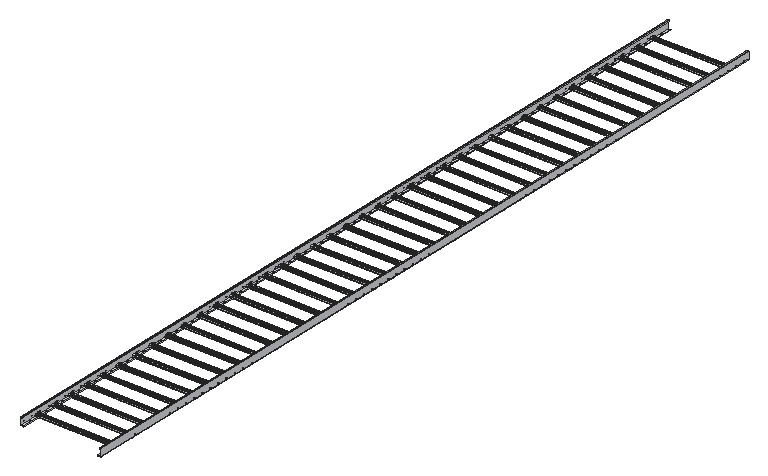
Revit family "Kabelleiter LG 60, 6 m VS FT", category Generic Models, Revit 2017 (continued)
Forms (mm)
  Extrusion 274, void
    sketch origin (-0.003, 5400, 0) x (0, 1, 0) y (0, 0, 1)
      loop
        line (23.5, 18.473) -> (23.5, 9.473) -> (51.5, 9.473) -> (51.5, 18.473) -> (23.5, 18.473)
    from 598.529 to 600
  Extrusion 275, void
    sketch origin (-0.002, 5475, 0) x (0, 1, 0) y (0, 0, 1)
      loop
        line (23.5, 18.473) -> (23.5, 9.473) -> (51.5, 9.473) -> (51.5, 18.473) -> (23.5, 18.473)
    from 598.529 to 600
  Extrusion 276, void
    sketch origin (-0.002, 5550, 0) x (0, 1, 0) y (0, 0, 1)
      loop
        line (23.5, 18.473) -> (23.5, 9.473) -> (51.5, 9.473) -> (51.5, 18.473) -> (23.5, 18.473)
    from 598.529 to 600
  Extrusion 277, void
    sketch origin (-0.001, 5625, 0) x (0, 1, 0) y (0, 0, 1)
      loop
        line (23.5, 18.473) -> (23.5, 9.473) -> (51.5, 9.473) -> (51.5, 18.473) -> (23.5, 18.473)
    from 598.529 to 600
  Extrusion 278, void
    sketch origin (-0.001, 5700, 0) x (0, 1, 0) y (0, 0, 1)
      loop
        line (23.5, 18.473) -> (23.5, 9.473) -> (51.5, 9.473) -> (51.5, 18.473) -> (23.5, 18.473)
    from 598.529 to 600
  Extrusion 279, void
    sketch origin (-0.001, 5775, 0) x (0, 1, 0) y (0, 0, 1)
      loop
        line (23.5, 18.473) -> (23.5, 9.473) -> (51.5, 9.473) -> (51.5, 18.473) -> (23.5, 18.473)
    from 598.529 to 600
  Extrusion 280, void
    sketch origin (0, 5850, 0) x (0, 1, 0) y (0, 0, 1)
      loop
        line (23.5, 18.473) -> (23.5, 9.473) -> (51.5, 9.473) -> (51.5, 18.473) -> (23.5, 18.473)
    from 598.529 to 600
  Extrusion 281, void
    sketch origin (0, 5925, 0) x (0, 1, 0) y (0, 0, 1)
      loop
        line (23.5, 18.473) -> (23.5, 9.473) -> (51.5, 9.473) -> (51.5, 18.473) -> (23.5, 18.473)
    from 598.529 to 600
  Extrusion 282, void
    sketch origin (0, 0, 0) x (1, 0, 0) y (0, 1, 0)
      loop
        line (53.5, 158.5) -> (53.5, 141.5) -> (64.5, 141.5) -> (64.5, 158.5) -> (53.5, 158.5)
    from 1.5 to 3
  Extrusion 283, void
    sketch origin (40, 0, 0) x (1, 0, 0) y (0, 1, 0)
      loop
        line (53.5, 158.5) -> (53.5, 141.5) -> (64.5, 141.5) -> (64.5, 158.5) -> (53.5, 158.5)
    from 1.5 to 3
  Extrusion 284, void
    sketch origin (80, 0, 0) x (1, 0, 0) y (0, 1, 0)
      loop
        line (53.5, 158.5) -> (53.5, 141.5) -> (64.5, 141.5) -> (64.5, 158.5) -> (53.5, 158.5)
    from 1.5 to 3
  Extrusion 285, void
    sketch origin (120, 0, 0) x (1, 0, 0) y (0, 1, 0)
      loop
        line (53.5, 158.5) -> (53.5, 141.5) -> (64.5, 141.5) -> (64.5, 158.5) -> (53.5, 158.5)
    from 1.5 to 3
  Extrusion 286, void
    sketch origin (160, 0, 0) x (1, 0, 0) y (0, 1, 0)
      loop
        line (53.5, 158.5) -> (53.5, 141.5) -> (64.5, 141.5) -> (64.5, 158.5) -> (53.5, 158.5)
    from 1.5 to 3
  Extrusion 287, void
    sketch origin (200, 0, 0) x (1, 0, 0) y (0, 1, 0)
      loop
        line (53.5, 158.5) -> (53.5, 141.5) -> (64.5, 141.5) -> (64.5, 158.5) -> (53.5, 158.5)
    from 1.5 to 3
  Extrusion 288, void
    sketch origin (240, 0, 0) x (1, 0, 0) y (0, 1, 0)
      loop
        line (53.5, 158.5) -> (53.5, 141.5) -> (64.5, 141.5) -> (64.5, 158.5) -> (53.5, 158.5)
    from 1.5 to 3
  Extrusion 289, void
    sketch origin (280, 0, 0) x (1, 0, 0) y (0, 1, 0)
      loop
        line (53.5, 158.5) -> (53.5, 141.5) -> (64.5, 141.5) -> (64.5, 158.5) -> (53.5, 158.5)
    from 1.5 to 3
  Extrusion 290, void
    sketch origin (320, 0, 0) x (1, 0, 0) y (0, 1, 0)
      loop
        line (53.5, 158.5) -> (53.5, 141.5) -> (64.5, 141.5) -> (64.5, 158.5) -> (53.5, 158.5)
    from 1.5 to 3
  Extrusion 291, void
    sketch origin (360, 0, 0) x (1, 0, 0) y (0, 1, 0)
      loop
        line (53.5, 158.5) -> (53.5, 141.5) -> (64.5, 141.5) -> (64.5, 158.5) -> (53.5, 158.5)
    from 1.5 to 3
  Extrusion 292, void
    sketch origin (400, 0, 0) x (1, 0, 0) y (0, 1, 0)
      loop
        line (53.5, 158.5) -> (53.5, 141.5) -> (64.5, 141.5) -> (64.5, 158.5) -> (53.5, 158.5)
    from 1.5 to 3
  Extrusion 293, void
    sketch origin (440, 0, 0) x (1, 0, 0) y (0, 1, 0)
      loop
        line (53.5, 158.5) -> (53.5, 141.5) -> (64.5, 141.5) -> (64.5, 158.5) -> (53.5, 158.5)
    from 1.5 to 3
  Extrusion 294, void, not visible
    sketch origin (0, 0, 0) x (1, 0, 0) y (0, 1, 0)
      loop
        line (53.5, 158.5) -> (53.5, 141.5) -> (64.5, 141.5) -> (64.5, 158.5) -> (53.5, 158.5)
    from 1.5 to 3
  Extrusion 295, void
    sketch origin (480, 0, 0) x (1, 0, 0) y (0, 1, 0)
      loop
        line (53.5, 158.5) -> (53.5, 141.5) -> (64.5, 141.5) -> (64.5, 158.5) -> (53.5, 158.5)
    from 1.5 to 3
  Extrusion 296, void
    sketch origin (0, 0, 0) x (1, 0, 0) y (0, 1, 0)
      loop
        line (75.5, 158.5) -> (75.5, 141.5) -> (82.5, 141.5) -> (82.5, 158.5) -> (75.5, 158.5)
    from 0 to 3
  Extrusion 297, void
    sketch origin (40, 0, 0) x (1, 0, 0) y (0, 1, 0)
      loop
        line (75.5, 158.5) -> (75.5, 141.5) -> (82.5, 141.5) -> (82.5, 158.5) -> (75.5, 158.5)
    from 0 to 3
  Extrusion 298, void
    sketch origin (80, 0, 0) x (1, 0, 0) y (0, 1, 0)
      loop
        line (75.5, 158.5) -> (75.5, 141.5) -> (82.5, 141.5) -> (82.5, 158.5) -> (75.5, 158.5)
    from 0 to 3
  Extrusion 299, void
    sketch origin (120, 0, 0) x (1, 0, 0) y (0, 1, 0)
      loop
        line (75.5, 158.5) -> (75.5, 141.5) -> (82.5, 141.5) -> (82.5, 158.5) -> (75.5, 158.5)
    from 0 to 3
  Extrusion 300, void
    sketch origin (160, 0, 0) x (1, 0, 0) y (0, 1, 0)
      loop
        line (75.5, 158.5) -> (75.5, 141.5) -> (82.5, 141.5) -> (82.5, 158.5) -> (75.5, 158.5)
    from 0 to 3
  Extrusion 301, void
    sketch origin (200, 0, 0) x (1, 0, 0) y (0, 1, 0)
      loop
        line (75.5, 158.5) -> (75.5, 141.5) -> (82.5, 141.5) -> (82.5, 158.5) -> (75.5, 158.5)
    from 0 to 3
  Extrusion 302, void
    sketch origin (240, 0, 0) x (1, 0, 0) y (0, 1, 0)
      loop
        line (75.5, 158.5) -> (75.5, 141.5) -> (82.5, 141.5) -> (82.5, 158.5) -> (75.5, 158.5)
    from 0 to 3
  Extrusion 303, void
    sketch origin (280, 0, 0) x (1, 0, 0) y (0, 1, 0)
      loop
        line (75.5, 158.5) -> (75.5, 141.5) -> (82.5, 141.5) -> (82.5, 158.5) -> (75.5, 158.5)
    from 0 to 3
  Extrusion 304, void
    sketch origin (320, 0, 0) x (1, 0, 0) y (0, 1, 0)
      loop
        line (75.5, 158.5) -> (75.5, 141.5) -> (82.5, 141.5) -> (82.5, 158.5) -> (75.5, 158.5)
    from 0 to 3
  Extrusion 305, void
    sketch origin (360, 0, 0) x (1, 0, 0) y (0, 1, 0)
      loop
        line (75.5, 158.5) -> (75.5, 141.5) -> (82.5, 141.5) -> (82.5, 158.5) -> (75.5, 158.5)
    from 0 to 3
  Extrusion 306, void
    sketch origin (400, 0, 0) x (1, 0, 0) y (0, 1, 0)
      loop
        line (75.5, 158.5) -> (75.5, 141.5) -> (82.5, 141.5) -> (82.5, 158.5) -> (75.5, 158.5)
    from 0 to 3
  Extrusion 307, void
    sketch origin (440, 0, 0) x (1, 0, 0) y (0, 1, 0)
      loop
        line (75.5, 158.5) -> (75.5, 141.5) -> (82.5, 141.5) -> (82.5, 158.5) -> (75.5, 158.5)
    from 0 to 3
  Extrusion 308, void
    sketch origin (0, 300, 0) x (1, 0, 0) y (0, 1, 0)
      loop
        line (53.5, 158.5) -> (53.5, 141.5) -> (64.5, 141.5) -> (64.5, 158.5) -> (53.5, 158.5)
    from 1.5 to 3
  Extrusion 309, void
    sketch origin (0, 450, 0) x (1, 0, 0) y (0, 1, 0)
      loop
        line (53.5, 158.5) -> (53.5, 141.5) -> (64.5, 141.5) -> (64.5, 158.5) -> (53.5, 158.5)
    from 1.5 to 3
  Extrusion 310, void
    sketch origin (0, 600, 0) x (1, 0, 0) y (0, 1, 0)
      loop
        line (53.5, 158.5) -> (53.5, 141.5) -> (64.5, 141.5) -> (64.5, 158.5) -> (53.5, 158.5)
    from 1.5 to 3
  Extrusion 311, void
    sketch origin (0, 750, 0) x (1, 0, 0) y (0, 1, 0)
      loop
        line (53.5, 158.5) -> (53.5, 141.5) -> (64.5, 141.5) -> (64.5, 158.5) -> (53.5, 158.5)
    from 1.5 to 3
  Extrusion 312, void
    sketch origin (0, 900, 0) x (1, 0, 0) y (0, 1, 0)
      loop
        line (53.5, 158.5) -> (53.5, 141.5) -> (64.5, 141.5) -> (64.5, 158.5) -> (53.5, 158.5)
    from 1.5 to 3
  Extrusion 313, void
    sketch origin (0, 1050, 0) x (1, 0, 0) y (0, 1, 0)
      loop
        line (53.5, 158.5) -> (53.5, 141.5) -> (64.5, 141.5) -> (64.5, 158.5) -> (53.5, 158.5)
    from 1.5 to 3
  Extrusion 314, void
    sketch origin (0, 1200, 0) x (1, 0, 0) y (0, 1, 0)
      loop
        line (53.5, 158.5) -> (53.5, 141.5) -> (64.5, 141.5) -> (64.5, 158.5) -> (53.5, 158.5)
    from 1.5 to 3
  Extrusion 315, void
    sketch origin (0, 1350, 0) x (1, 0, 0) y (0, 1, 0)
      loop
        line (53.5, 158.5) -> (53.5, 141.5) -> (64.5, 141.5) -> (64.5, 158.5) -> (53.5, 158.5)
    from 1.5 to 3
  Extrusion 316, void
    sketch origin (0, 1500, 0) x (1, 0, 0) y (0, 1, 0)
      loop
        line (53.5, 158.5) -> (53.5, 141.5) -> (64.5, 141.5) -> (64.5, 158.5) -> (53.5, 158.5)
    from 1.5 to 3
  Extrusion 317, void
    sketch origin (0, 1650, 0) x (1, 0, 0) y (0, 1, 0)
      loop
        line (53.5, 158.5) -> (53.5, 141.5) -> (64.5, 141.5) -> (64.5, 158.5) -> (53.5, 158.5)
    from 1.5 to 3
  Extrusion 318, void
    sketch origin (0, 1800, 0) x (1, 0, 0) y (0, 1, 0)
      loop
        line (53.5, 158.5) -> (53.5, 141.5) -> (64.5, 141.5) -> (64.5, 158.5) -> (53.5, 158.5)
    from 1.5 to 3
  Extrusion 319, void
    sketch origin (0, 1950, 0) x (1, 0, 0) y (0, 1, 0)
      loop
        line (53.5, 158.5) -> (53.5, 141.5) -> (64.5, 141.5) -> (64.5, 158.5) -> (53.5, 158.5)
    from 1.5 to 3
  Extrusion 320, void
    sketch origin (0, 2100, 0) x (1, 0, 0) y (0, 1, 0)
      loop
        line (53.5, 158.5) -> (53.5, 141.5) -> (64.5, 141.5) -> (64.5, 158.5) -> (53.5, 158.5)
    from 1.5 to 3
  Extrusion 321, void
    sketch origin (0, 2250, 0) x (1, 0, 0) y (0, 1, 0)
      loop
        line (53.5, 158.5) -> (53.5, 141.5) -> (64.5, 141.5) -> (64.5, 158.5) -> (53.5, 158.5)
    from 1.5 to 3
  Extrusion 322, void
    sketch origin (0, 2400, 0) x (1, 0, 0) y (0, 1, 0)
      loop
        line (53.5, 158.5) -> (53.5, 141.5) -> (64.5, 141.5) -> (64.5, 158.5) -> (53.5, 158.5)
    from 1.5 to 3
  Extrusion 323, void
    sketch origin (0, 2550, 0) x (1, 0, 0) y (0, 1, 0)
      loop
        line (53.5, 158.5) -> (53.5, 141.5) -> (64.5, 141.5) -> (64.5, 158.5) -> (53.5, 158.5)
    from 1.5 to 3
  Extrusion 324, void
    sketch origin (0, 2700, 0) x (1, 0, 0) y (0, 1, 0)
      loop
        line (53.5, 158.5) -> (53.5, 141.5) -> (64.5, 141.5) -> (64.5, 158.5) -> (53.5, 158.5)
    from 1.5 to 3
  Extrusion 325, void
    sketch origin (0, 2850, 0) x (1, 0, 0) y (0, 1, 0)
      loop
        line (53.5, 158.5) -> (53.5, 141.5) -> (64.5, 141.5) -> (64.5, 158.5) -> (53.5, 158.5)
    from 1.5 to 3
  Extrusion 326, void
    sketch origin (0, 3000, 0) x (1, 0, 0) y (0, 1, 0)
      loop
        line (53.5, 158.5) -> (53.5, 141.5) -> (64.5, 141.5) -> (64.5, 158.5) -> (53.5, 158.5)
    from 1.5 to 3
  Extrusion 327, void
    sketch origin (0, 3150, 0) x (1, 0, 0) y (0, 1, 0)
      loop
        line (53.5, 158.5) -> (53.5, 141.5) -> (64.5, 141.5) -> (64.5, 158.5) -> (53.5, 158.5)
    from 1.5 to 3
  Extrusion 328, void
    sketch origin (0, 3300, 0) x (1, 0, 0) y (0, 1, 0)
      loop
        line (53.5, 158.5) -> (53.5, 141.5) -> (64.5, 141.5) -> (64.5, 158.5) -> (53.5, 158.5)
    from 1.5 to 3
  Extrusion 329, void
    sketch origin (0, 3450, 0) x (1, 0, 0) y (0, 1, 0)
      loop
        line (53.5, 158.5) -> (53.5, 141.5) -> (64.5, 141.5) -> (64.5, 158.5) -> (53.5, 158.5)
    from 1.5 to 3
  Extrusion 330, void
    sketch origin (0, 3600, 0) x (1, 0, 0) y (0, 1, 0)
      loop
        line (53.5, 158.5) -> (53.5, 141.5) -> (64.5, 141.5) -> (64.5, 158.5) -> (53.5, 158.5)
    from 1.5 to 3
  Extrusion 331, void
    sketch origin (0, 3750, 0) x (1, 0, 0) y (0, 1, 0)
      loop
        line (53.5, 158.5) -> (53.5, 141.5) -> (64.5, 141.5) -> (64.5, 158.5) -> (53.5, 158.5)
    from 1.5 to 3
  Extrusion 332, void
    sketch origin (0, 3900, 0) x (1, 0, 0) y (0, 1, 0)
      loop
        line (53.5, 158.5) -> (53.5, 141.5) -> (64.5, 141.5) -> (64.5, 158.5) -> (53.5, 158.5)
    from 1.5 to 3
  Extrusion 333, void
    sketch origin (0, 4050, 0) x (1, 0, 0) y (0, 1, 0)
      loop
        line (53.5, 158.5) -> (53.5, 141.5) -> (64.5, 141.5) -> (64.5, 158.5) -> (53.5, 158.5)
    from 1.5 to 3
  Extrusion 334, void
    sketch origin (0, 4200, 0) x (1, 0, 0) y (0, 1, 0)
      loop
        line (53.5, 158.5) -> (53.5, 141.5) -> (64.5, 141.5) -> (64.5, 158.5) -> (53.5, 158.5)
    from 1.5 to 3
  Extrusion 335, void
    sketch origin (0, 4350, 0) x (1, 0, 0) y (0, 1, 0)
      loop
        line (53.5, 158.5) -> (53.5, 141.5) -> (64.5, 141.5) -> (64.5, 158.5) -> (53.5, 158.5)
    from 1.5 to 3
  Extrusion 336, void
    sketch origin (0, 4500, 0) x (1, 0, 0) y (0, 1, 0)
      loop
        line (53.5, 158.5) -> (53.5, 141.5) -> (64.5, 141.5) -> (64.5, 158.5) -> (53.5, 158.5)
    from 1.5 to 3
  Extrusion 337, void
    sketch origin (0, 4650, 0) x (1, 0, 0) y (0, 1, 0)
      loop
        line (53.5, 158.5) -> (53.5, 141.5) -> (64.5, 141.5) -> (64.5, 158.5) -> (53.5, 158.5)
    from 1.5 to 3
  Extrusion 338, void
    sketch origin (0, 4800, 0) x (1, 0, 0) y (0, 1, 0)
      loop
        line (53.5, 158.5) -> (53.5, 141.5) -> (64.5, 141.5) -> (64.5, 158.5) -> (53.5, 158.5)
    from 1.5 to 3
  Extrusion 339, void
    sketch origin (0, 4950, 0) x (1, 0, 0) y (0, 1, 0)
      loop
        line (53.5, 158.5) -> (53.5, 141.5) -> (64.5, 141.5) -> (64.5, 158.5) -> (53.5, 158.5)
    from 1.5 to 3
  Extrusion 340, void
    sketch origin (0, 5100, 0) x (1, 0, 0) y (0, 1, 0)
      loop
        line (53.5, 158.5) -> (53.5, 141.5) -> (64.5, 141.5) -> (64.5, 158.5) -> (53.5, 158.5)
    from 1.5 to 3
  Extrusion 341, void
    sketch origin (0, 5250, 0) x (1, 0, 0) y (0, 1, 0)
      loop
        line (53.5, 158.5) -> (53.5, 141.5) -> (64.5, 141.5) -> (64.5, 158.5) -> (53.5, 158.5)
    from 1.5 to 3
  Extrusion 342, void
    sketch origin (0, 5400, 0) x (1, 0, 0) y (0, 1, 0)
      loop
        line (53.5, 158.5) -> (53.5, 141.5) -> (64.5, 141.5) -> (64.5, 158.5) -> (53.5, 158.5)
    from 1.5 to 3
  Extrusion 343, void
    sketch origin (0, 5550, 0) x (1, 0, 0) y (0, 1, 0)
      loop
        line (53.5, 158.5) -> (53.5, 141.5) -> (64.5, 141.5) -> (64.5, 158.5) -> (53.5, 158.5)
    from 1.5 to 3
  Extrusion 344, void
    sketch origin (0, 5700, 0) x (1, 0, 0) y (0, 1, 0)
      loop
        line (53.5, 158.5) -> (53.5, 141.5) -> (64.5, 141.5) -> (64.5, 158.5) -> (53.5, 158.5)
    from 1.5 to 3
  Extrusion 345, void
    sketch origin (0, 300, 0) x (1, 0, 0) y (0, 1, 0)
      loop
        line (75.5, 158.5) -> (75.5, 141.5) -> (82.5, 141.5) -> (82.5, 158.5) -> (75.5, 158.5)
    from 0 to 3
  Extrusion 346, void
    sketch origin (0, 450, 0) x (1, 0, 0) y (0, 1, 0)
      loop
        line (75.5, 158.5) -> (75.5, 141.5) -> (82.5, 141.5) -> (82.5, 158.5) -> (75.5, 158.5)
    from 0 to 3
  Extrusion 347, void
    sketch origin (0, 600, 0) x (1, 0, 0) y (0, 1, 0)
      loop
        line (75.5, 158.5) -> (75.5, 141.5) -> (82.5, 141.5) -> (82.5, 158.5) -> (75.5, 158.5)
    from 0 to 3
  Extrusion 348, void
    sketch origin (0, 750, 0) x (1, 0, 0) y (0, 1, 0)
      loop
        line (75.5, 158.5) -> (75.5, 141.5) -> (82.5, 141.5) -> (82.5, 158.5) -> (75.5, 158.5)
    from 0 to 3
  Extrusion 349, void
    sketch origin (0, 900, 0) x (1, 0, 0) y (0, 1, 0)
      loop
        line (75.5, 158.5) -> (75.5, 141.5) -> (82.5, 141.5) -> (82.5, 158.5) -> (75.5, 158.5)
    from 0 to 3
  Extrusion 350, void
    sketch origin (0, 1050, 0) x (1, 0, 0) y (0, 1, 0)
      loop
        line (75.5, 158.5) -> (75.5, 141.5) -> (82.5, 141.5) -> (82.5, 158.5) -> (75.5, 158.5)
    from 0 to 3
  Extrusion 351, void
    sketch origin (0, 1200, 0) x (1, 0, 0) y (0, 1, 0)
      loop
        line (75.5, 158.5) -> (75.5, 141.5) -> (82.5, 141.5) -> (82.5, 158.5) -> (75.5, 158.5)
    from 0 to 3
  Extrusion 352, void
    sketch origin (0, 1350, 0) x (1, 0, 0) y (0, 1, 0)
      loop
        line (75.5, 158.5) -> (75.5, 141.5) -> (82.5, 141.5) -> (82.5, 158.5) -> (75.5, 158.5)
    from 0 to 3
  Extrusion 353, void
    sketch origin (0, 1500, 0) x (1, 0, 0) y (0, 1, 0)
      loop
        line (75.5, 158.5) -> (75.5, 141.5) -> (82.5, 141.5) -> (82.5, 158.5) -> (75.5, 158.5)
    from 0 to 3
  Extrusion 354, void
    sketch origin (0, 1650, 0) x (1, 0, 0) y (0, 1, 0)
      loop
        line (75.5, 158.5) -> (75.5, 141.5) -> (82.5, 141.5) -> (82.5, 158.5) -> (75.5, 158.5)
    from 0 to 3
  Extrusion 355, void
    sketch origin (0, 1800, 0) x (1, 0, 0) y (0, 1, 0)
      loop
        line (75.5, 158.5) -> (75.5, 141.5) -> (82.5, 141.5) -> (82.5, 158.5) -> (75.5, 158.5)
    from 0 to 3
  Extrusion 356, void
    sketch origin (0, 1950, 0) x (1, 0, 0) y (0, 1, 0)
      loop
        line (75.5, 158.5) -> (75.5, 141.5) -> (82.5, 141.5) -> (82.5, 158.5) -> (75.5, 158.5)
    from 0 to 3
  Extrusion 357, void
    sketch origin (0, 2100, 0) x (1, 0, 0) y (0, 1, 0)
      loop
        line (75.5, 158.5) -> (75.5, 141.5) -> (82.5, 141.5) -> (82.5, 158.5) -> (75.5, 158.5)
    from 0 to 3
  Extrusion 358, void
    sketch origin (0, 2250, 0) x (1, 0, 0) y (0, 1, 0)
      loop
        line (75.5, 158.5) -> (75.5, 141.5) -> (82.5, 141.5) -> (82.5, 158.5) -> (75.5, 158.5)
    from 0 to 3
  Extrusion 359, void
    sketch origin (0, 2400, 0) x (1, 0, 0) y (0, 1, 0)
      loop
        line (75.5, 158.5) -> (75.5, 141.5) -> (82.5, 141.5) -> (82.5, 158.5) -> (75.5, 158.5)
    from 0 to 3
  Extrusion 360, void
    sketch origin (0, 2550, 0) x (1, 0, 0) y (0, 1, 0)
      loop
        line (75.5, 158.5) -> (75.5, 141.5) -> (82.5, 141.5) -> (82.5, 158.5) -> (75.5, 158.5)
    from 0 to 3
  Extrusion 361, void
    sketch origin (0, 2700, 0) x (1, 0, 0) y (0, 1, 0)
      loop
        line (75.5, 158.5) -> (75.5, 141.5) -> (82.5, 141.5) -> (82.5, 158.5) -> (75.5, 158.5)
    from 0 to 3
  Extrusion 362, void
    sketch origin (0, 2850, 0) x (1, 0, 0) y (0, 1, 0)
      loop
        line (75.5, 158.5) -> (75.5, 141.5) -> (82.5, 141.5) -> (82.5, 158.5) -> (75.5, 158.5)
    from 0 to 3
  Extrusion 363, void
    sketch origin (0, 3000, 0) x (1, 0, 0) y (0, 1, 0)
      loop
        line (75.5, 158.5) -> (75.5, 141.5) -> (82.5, 141.5) -> (82.5, 158.5) -> (75.5, 158.5)
    from 0 to 3
  Extrusion 364, void
    sketch origin (0, 3150, 0) x (1, 0, 0) y (0, 1, 0)
      loop
        line (75.5, 158.5) -> (75.5, 141.5) -> (82.5, 141.5) -> (82.5, 158.5) -> (75.5, 158.5)
    from 0 to 3
  Extrusion 365, void
    sketch origin (0, 3300, 0) x (1, 0, 0) y (0, 1, 0)
      loop
        line (75.5, 158.5) -> (75.5, 141.5) -> (82.5, 141.5) -> (82.5, 158.5) -> (75.5, 158.5)
    from 0 to 3
  Extrusion 366, void
    sketch origin (0, 3450, 0) x (1, 0, 0) y (0, 1, 0)
      loop
        line (75.5, 158.5) -> (75.5, 141.5) -> (82.5, 141.5) -> (82.5, 158.5) -> (75.5, 158.5)
    from 0 to 3
  Extrusion 367, void
    sketch origin (0, 3600, 0) x (1, 0, 0) y (0, 1, 0)
      loop
        line (75.5, 158.5) -> (75.5, 141.5) -> (82.5, 141.5) -> (82.5, 158.5) -> (75.5, 158.5)
    from 0 to 3
  Extrusion 368, void
    sketch origin (0, 3750, 0) x (1, 0, 0) y (0, 1, 0)
      loop
        line (75.5, 158.5) -> (75.5, 141.5) -> (82.5, 141.5) -> (82.5, 158.5) -> (75.5, 158.5)
    from 0 to 3
  Extrusion 369, void
    sketch origin (0, 3900, 0) x (1, 0, 0) y (0, 1, 0)
      loop
        line (75.5, 158.5) -> (75.5, 141.5) -> (82.5, 141.5) -> (82.5, 158.5) -> (75.5, 158.5)
    from 0 to 3
  Extrusion 370, void
    sketch origin (0, 4050, 0) x (1, 0, 0) y (0, 1, 0)
      loop
        line (75.5, 158.5) -> (75.5, 141.5) -> (82.5, 141.5) -> (82.5, 158.5) -> (75.5, 158.5)
    from 0 to 3
  Extrusion 371, void
    sketch origin (0, 4200, 0) x (1, 0, 0) y (0, 1, 0)
      loop
        line (75.5, 158.5) -> (75.5, 141.5) -> (82.5, 141.5) -> (82.5, 158.5) -> (75.5, 158.5)
    from 0 to 3
  Extrusion 372, void
    sketch origin (0, 4350, 0) x (1, 0, 0) y (0, 1, 0)
      loop
        line (75.5, 158.5) -> (75.5, 141.5) -> (82.5, 141.5) -> (82.5, 158.5) -> (75.5, 158.5)
    from 0 to 3
  Extrusion 373, void
    sketch origin (0, 4500, 0) x (1, 0, 0) y (0, 1, 0)
      loop
        line (75.5, 158.5) -> (75.5, 141.5) -> (82.5, 141.5) -> (82.5, 158.5) -> (75.5, 158.5)
    from 0 to 3
  Extrusion 374, void
    sketch origin (0, 4650, 0) x (1, 0, 0) y (0, 1, 0)
      loop
        line (75.5, 158.5) -> (75.5, 141.5) -> (82.5, 141.5) -> (82.5, 158.5) -> (75.5, 158.5)
    from 0 to 3
  Extrusion 375, void
    sketch origin (0, 4800, 0) x (1, 0, 0) y (0, 1, 0)
      loop
        line (75.5, 158.5) -> (75.5, 141.5) -> (82.5, 141.5) -> (82.5, 158.5) -> (75.5, 158.5)
    from 0 to 3
  Extrusion 376, void
    sketch origin (0, 4950, 0) x (1, 0, 0) y (0, 1, 0)
      loop
        line (75.5, 158.5) -> (75.5, 141.5) -> (82.5, 141.5) -> (82.5, 158.5) -> (75.5, 158.5)
    from 0 to 3
  Extrusion 377, void
    sketch origin (0, 5100, 0) x (1, 0, 0) y (0, 1, 0)
      loop
        line (75.5, 158.5) -> (75.5, 141.5) -> (82.5, 141.5) -> (82.5, 158.5) -> (75.5, 158.5)
    from 0 to 3
  Extrusion 378, void
    sketch origin (0, 5250, 0) x (1, 0, 0) y (0, 1, 0)
      loop
        line (75.5, 158.5) -> (75.5, 141.5) -> (82.5, 141.5) -> (82.5, 158.5) -> (75.5, 158.5)
    from 0 to 3
  Extrusion 379, void
    sketch origin (0, 5400, 0) x (1, 0, 0) y (0, 1, 0)
      loop
        line (75.5, 158.5) -> (75.5, 141.5) -> (82.5, 141.5) -> (82.5, 158.5) -> (75.5, 158.5)
    from 0 to 3
  Extrusion 380, void
    sketch origin (0, 5550, 0) x (1, 0, 0) y (0, 1, 0)
      loop
        line (75.5, 158.5) -> (75.5, 141.5) -> (82.5, 141.5) -> (82.5, 158.5) -> (75.5, 158.5)
    from 0 to 3
  Extrusion 381, void
    sketch origin (0, 5700, 0) x (1, 0, 0) y (0, 1, 0)
      loop
        line (75.5, 158.5) -> (75.5, 141.5) -> (82.5, 141.5) -> (82.5, 158.5) -> (75.5, 158.5)
    from 0 to 3
  Extrusion 382, void
    sketch origin (40, 300, 0) x (1, 0, 0) y (0, 1, 0)
      loop
        line (53.5, 158.5) -> (53.5, 141.5) -> (64.5, 141.5) -> (64.5, 158.5) -> (53.5, 158.5)
    from 1.5 to 3
  Extrusion 383, void
    sketch origin (40, 450, 0) x (1, 0, 0) y (0, 1, 0)
      loop
        line (53.5, 158.5) -> (53.5, 141.5) -> (64.5, 141.5) -> (64.5, 158.5) -> (53.5, 158.5)
    from 1.5 to 3
  Extrusion 384, void
    sketch origin (40, 600, 0) x (1, 0, 0) y (0, 1, 0)
      loop
        line (53.5, 158.5) -> (53.5, 141.5) -> (64.5, 141.5) -> (64.5, 158.5) -> (53.5, 158.5)
    from 1.5 to 3
  Extrusion 385, void
    sketch origin (40, 750, 0) x (1, 0, 0) y (0, 1, 0)
      loop
        line (53.5, 158.5) -> (53.5, 141.5) -> (64.5, 141.5) -> (64.5, 158.5) -> (53.5, 158.5)
    from 1.5 to 3
  Extrusion 386, void
    sketch origin (40, 900, 0) x (1, 0, 0) y (0, 1, 0)
      loop
        line (53.5, 158.5) -> (53.5, 141.5) -> (64.5, 141.5) -> (64.5, 158.5) -> (53.5, 158.5)
    from 1.5 to 3
  Extrusion 387, void
    sketch origin (40, 1050, 0) x (1, 0, 0) y (0, 1, 0)
      loop
        line (53.5, 158.5) -> (53.5, 141.5) -> (64.5, 141.5) -> (64.5, 158.5) -> (53.5, 158.5)
    from 1.5 to 3
  Extrusion 388, void
    sketch origin (40, 1200, 0) x (1, 0, 0) y (0, 1, 0)
      loop
        line (53.5, 158.5) -> (53.5, 141.5) -> (64.5, 141.5) -> (64.5, 158.5) -> (53.5, 158.5)
    from 1.5 to 3
  Extrusion 389, void
    sketch origin (40, 1350, 0) x (1, 0, 0) y (0, 1, 0)
      loop
        line (53.5, 158.5) -> (53.5, 141.5) -> (64.5, 141.5) -> (64.5, 158.5) -> (53.5, 158.5)
    from 1.5 to 3
  Extrusion 390, void
    sketch origin (40, 1500, 0) x (1, 0, 0) y (0, 1, 0)
      loop
        line (53.5, 158.5) -> (53.5, 141.5) -> (64.5, 141.5) -> (64.5, 158.5) -> (53.5, 158.5)
    from 1.5 to 3
  Extrusion 391, void
    sketch origin (40, 1650, 0) x (1, 0, 0) y (0, 1, 0)
      loop
        line (53.5, 158.5) -> (53.5, 141.5) -> (64.5, 141.5) -> (64.5, 158.5) -> (53.5, 158.5)
    from 1.5 to 3
  Extrusion 392, void
    sketch origin (40, 1800, 0) x (1, 0, 0) y (0, 1, 0)
      loop
        line (53.5, 158.5) -> (53.5, 141.5) -> (64.5, 141.5) -> (64.5, 158.5) -> (53.5, 158.5)
    from 1.5 to 3
  Extrusion 393, void
    sketch origin (40, 1950, 0) x (1, 0, 0) y (0, 1, 0)
      loop
        line (53.5, 158.5) -> (53.5, 141.5) -> (64.5, 141.5) -> (64.5, 158.5) -> (53.5, 158.5)
    from 1.5 to 3
  Extrusion 394, void
    sketch origin (40, 2100, 0) x (1, 0, 0) y (0, 1, 0)
      loop
        line (53.5, 158.5) -> (53.5, 141.5) -> (64.5, 141.5) -> (64.5, 158.5) -> (53.5, 158.5)
    from 1.5 to 3
  Extrusion 395, void
    sketch origin (40, 2250, 0) x (1, 0, 0) y (0, 1, 0)
      loop
        line (53.5, 158.5) -> (53.5, 141.5) -> (64.5, 141.5) -> (64.5, 158.5) -> (53.5, 158.5)
    from 1.5 to 3
  Extrusion 396, void
    sketch origin (40, 2400, 0) x (1, 0, 0) y (0, 1, 0)
      loop
        line (53.5, 158.5) -> (53.5, 141.5) -> (64.5, 141.5) -> (64.5, 158.5) -> (53.5, 158.5)
    from 1.5 to 3
  Extrusion 397, void
    sketch origin (40, 2550, 0) x (1, 0, 0) y (0, 1, 0)
      loop
        line (53.5, 158.5) -> (53.5, 141.5) -> (64.5, 141.5) -> (64.5, 158.5) -> (53.5, 158.5)
    from 1.5 to 3
  Extrusion 398, void
    sketch origin (40, 2700, 0) x (1, 0, 0) y (0, 1, 0)
      loop
        line (53.5, 158.5) -> (53.5, 141.5) -> (64.5, 141.5) -> (64.5, 158.5) -> (53.5, 158.5)
    from 1.5 to 3
  Extrusion 399, void
    sketch origin (40, 2850, 0) x (1, 0, 0) y (0, 1, 0)
      loop
        line (53.5, 158.5) -> (53.5, 141.5) -> (64.5, 141.5) -> (64.5, 158.5) -> (53.5, 158.5)
    from 1.5 to 3
  Extrusion 400, void
    sketch origin (40, 3000, 0) x (1, 0, 0) y (0, 1, 0)
      loop
        line (53.5, 158.5) -> (53.5, 141.5) -> (64.5, 141.5) -> (64.5, 158.5) -> (53.5, 158.5)
    from 1.5 to 3
  Extrusion 401, void
    sketch origin (40, 3150, 0) x (1, 0, 0) y (0, 1, 0)
      loop
        line (53.5, 158.5) -> (53.5, 141.5) -> (64.5, 141.5) -> (64.5, 158.5) -> (53.5, 158.5)
    from 1.5 to 3
  Extrusion 402, void
    sketch origin (40, 3300, 0) x (1, 0, 0) y (0, 1, 0)
      loop
        line (53.5, 158.5) -> (53.5, 141.5) -> (64.5, 141.5) -> (64.5, 158.5) -> (53.5, 158.5)
    from 1.5 to 3
  Extrusion 403, void
    sketch origin (40, 3450, 0) x (1, 0, 0) y (0, 1, 0)
      loop
        line (53.5, 158.5) -> (53.5, 141.5) -> (64.5, 141.5) -> (64.5, 158.5) -> (53.5, 158.5)
    from 1.5 to 3
  Extrusion 404, void
    sketch origin (40, 3600, 0) x (1, 0, 0) y (0, 1, 0)
      loop
        line (53.5, 158.5) -> (53.5, 141.5) -> (64.5, 141.5) -> (64.5, 158.5) -> (53.5, 158.5)
    from 1.5 to 3
  Extrusion 405, void
    sketch origin (40, 3750, 0) x (1, 0, 0) y (0, 1, 0)
      loop
        line (53.5, 158.5) -> (53.5, 141.5) -> (64.5, 141.5) -> (64.5, 158.5) -> (53.5, 158.5)
    from 1.5 to 3
  Extrusion 406, void
    sketch origin (40, 3900, 0) x (1, 0, 0) y (0, 1, 0)
      loop
        line (53.5, 158.5) -> (53.5, 141.5) -> (64.5, 141.5) -> (64.5, 158.5) -> (53.5, 158.5)
    from 1.5 to 3
  Extrusion 407, void
    sketch origin (40, 4050, 0) x (1, 0, 0) y (0, 1, 0)
      loop
        line (53.5, 158.5) -> (53.5, 141.5) -> (64.5, 141.5) -> (64.5, 158.5) -> (53.5, 158.5)
    from 1.5 to 3
  Extrusion 408, void
    sketch origin (40, 4200, 0) x (1, 0, 0) y (0, 1, 0)
      loop
        line (53.5, 158.5) -> (53.5, 141.5) -> (64.5, 141.5) -> (64.5, 158.5) -> (53.5, 158.5)
    from 1.5 to 3
  Extrusion 409, void
    sketch origin (40, 4350, 0) x (1, 0, 0) y (0, 1, 0)
      loop
        line (53.5, 158.5) -> (53.5, 141.5) -> (64.5, 141.5) -> (64.5, 158.5) -> (53.5, 158.5)
    from 1.5 to 3
  Extrusion 410, void
    sketch origin (40, 4500, 0) x (1, 0, 0) y (0, 1, 0)
      loop
        line (53.5, 158.5) -> (53.5, 141.5) -> (64.5, 141.5) -> (64.5, 158.5) -> (53.5, 158.5)
    from 1.5 to 3
  Extrusion 411, void
    sketch origin (40, 4650, 0) x (1, 0, 0) y (0, 1, 0)
      loop
        line (53.5, 158.5) -> (53.5, 141.5) -> (64.5, 141.5) -> (64.5, 158.5) -> (53.5, 158.5)
    from 1.5 to 3
  Extrusion 412, void
    sketch origin (40, 4800, 0) x (1, 0, 0) y (0, 1, 0)
      loop
        line (53.5, 158.5) -> (53.5, 141.5) -> (64.5, 141.5) -> (64.5, 158.5) -> (53.5, 158.5)
    from 1.5 to 3
  Extrusion 413, void
    sketch origin (40, 4950, 0) x (1, 0, 0) y (0, 1, 0)
      loop
        line (53.5, 158.5) -> (53.5, 141.5) -> (64.5, 141.5) -> (64.5, 158.5) -> (53.5, 158.5)
    from 1.5 to 3
  Extrusion 414, void
    sketch origin (40, 5100, 0) x (1, 0, 0) y (0, 1, 0)
      loop
        line (53.5, 158.5) -> (53.5, 141.5) -> (64.5, 141.5) -> (64.5, 158.5) -> (53.5, 158.5)
    from 1.5 to 3
  Extrusion 415, void
    sketch origin (40, 5250, 0) x (1, 0, 0) y (0, 1, 0)
      loop
        line (53.5, 158.5) -> (53.5, 141.5) -> (64.5, 141.5) -> (64.5, 158.5) -> (53.5, 158.5)
    from 1.5 to 3
  Extrusion 416, void
    sketch origin (40, 5400, 0) x (1, 0, 0) y (0, 1, 0)
      loop
        line (53.5, 158.5) -> (53.5, 141.5) -> (64.5, 141.5) -> (64.5, 158.5) -> (53.5, 158.5)
    from 1.5 to 3
  Extrusion 417, void
    sketch origin (40, 5550, 0) x (1, 0, 0) y (0, 1, 0)
      loop
        line (53.5, 158.5) -> (53.5, 141.5) -> (64.5, 141.5) -> (64.5, 158.5) -> (53.5, 158.5)
    from 1.5 to 3
  Extrusion 418, void
    sketch origin (40, 5700, 0) x (1, 0, 0) y (0, 1, 0)
      loop
        line (53.5, 158.5) -> (53.5, 141.5) -> (64.5, 141.5) -> (64.5, 158.5) -> (53.5, 158.5)
    from 1.5 to 3
  Extrusion 419, void
    sketch origin (40, 300, 0) x (1, 0, 0) y (0, 1, 0)
      loop
        line (75.5, 158.5) -> (75.5, 141.5) -> (82.5, 141.5) -> (82.5, 158.5) -> (75.5, 158.5)
    from 0 to 3
  Extrusion 420, void
    sketch origin (40, 450, 0) x (1, 0, 0) y (0, 1, 0)
      loop
        line (75.5, 158.5) -> (75.5, 141.5) -> (82.5, 141.5) -> (82.5, 158.5) -> (75.5, 158.5)
    from 0 to 3
  Extrusion 421, void
    sketch origin (40, 600, 0) x (1, 0, 0) y (0, 1, 0)
      loop
        line (75.5, 158.5) -> (75.5, 141.5) -> (82.5, 141.5) -> (82.5, 158.5) -> (75.5, 158.5)
    from 0 to 3
  Extrusion 422, void
    sketch origin (40, 750, 0) x (1, 0, 0) y (0, 1, 0)
      loop
        line (75.5, 158.5) -> (75.5, 141.5) -> (82.5, 141.5) -> (82.5, 158.5) -> (75.5, 158.5)
    from 0 to 3
  Extrusion 423, void
    sketch origin (40, 900, 0) x (1, 0, 0) y (0, 1, 0)
      loop
        line (75.5, 158.5) -> (75.5, 141.5) -> (82.5, 141.5) -> (82.5, 158.5) -> (75.5, 158.5)
    from 0 to 3
  Extrusion 424, void
    sketch origin (40, 1050, 0) x (1, 0, 0) y (0, 1, 0)
      loop
        line (75.5, 158.5) -> (75.5, 141.5) -> (82.5, 141.5) -> (82.5, 158.5) -> (75.5, 158.5)
    from 0 to 3
  Extrusion 425, void
    sketch origin (40, 1200, 0) x (1, 0, 0) y (0, 1, 0)
      loop
        line (75.5, 158.5) -> (75.5, 141.5) -> (82.5, 141.5) -> (82.5, 158.5) -> (75.5, 158.5)
    from 0 to 3
  Extrusion 426, void
    sketch origin (40, 1350, 0) x (1, 0, 0) y (0, 1, 0)
      loop
        line (75.5, 158.5) -> (75.5, 141.5) -> (82.5, 141.5) -> (82.5, 158.5) -> (75.5, 158.5)
    from 0 to 3
  Extrusion 427, void
    sketch origin (40, 1500, 0) x (1, 0, 0) y (0, 1, 0)
      loop
        line (75.5, 158.5) -> (75.5, 141.5) -> (82.5, 141.5) -> (82.5, 158.5) -> (75.5, 158.5)
    from 0 to 3
  Extrusion 428, void
    sketch origin (40, 1650, 0) x (1, 0, 0) y (0, 1, 0)
      loop
        line (75.5, 158.5) -> (75.5, 141.5) -> (82.5, 141.5) -> (82.5, 158.5) -> (75.5, 158.5)
    from 0 to 3
  Extrusion 429, void
    sketch origin (40, 1800, 0) x (1, 0, 0) y (0, 1, 0)
      loop
        line (75.5, 158.5) -> (75.5, 141.5) -> (82.5, 141.5) -> (82.5, 158.5) -> (75.5, 158.5)
    from 0 to 3
  Extrusion 430, void
    sketch origin (40, 1950, 0) x (1, 0, 0) y (0, 1, 0)
      loop
        line (75.5, 158.5) -> (75.5, 141.5) -> (82.5, 141.5) -> (82.5, 158.5) -> (75.5, 158.5)
    from 0 to 3
  Extrusion 431, void
    sketch origin (40, 2100, 0) x (1, 0, 0) y (0, 1, 0)
      loop
        line (75.5, 158.5) -> (75.5, 141.5) -> (82.5, 141.5) -> (82.5, 158.5) -> (75.5, 158.5)
    from 0 to 3
  Extrusion 432, void
    sketch origin (40, 2250, 0) x (1, 0, 0) y (0, 1, 0)
      loop
        line (75.5, 158.5) -> (75.5, 141.5) -> (82.5, 141.5) -> (82.5, 158.5) -> (75.5, 158.5)
    from 0 to 3
  Extrusion 433, void
    sketch origin (40, 2400, 0) x (1, 0, 0) y (0, 1, 0)
      loop
        line (75.5, 158.5) -> (75.5, 141.5) -> (82.5, 141.5) -> (82.5, 158.5) -> (75.5, 158.5)
    from 0 to 3
  Extrusion 434, void
    sketch origin (40, 2550, 0) x (1, 0, 0) y (0, 1, 0)
      loop
        line (75.5, 158.5) -> (75.5, 141.5) -> (82.5, 141.5) -> (82.5, 158.5) -> (75.5, 158.5)
    from 0 to 3
  Extrusion 435, void
    sketch origin (40, 2700, 0) x (1, 0, 0) y (0, 1, 0)
      loop
        line (75.5, 158.5) -> (75.5, 141.5) -> (82.5, 141.5) -> (82.5, 158.5) -> (75.5, 158.5)
    from 0 to 3
  Extrusion 436, void
    sketch origin (40, 2850, 0) x (1, 0, 0) y (0, 1, 0)
      loop
        line (75.5, 158.5) -> (75.5, 141.5) -> (82.5, 141.5) -> (82.5, 158.5) -> (75.5, 158.5)
    from 0 to 3
  Extrusion 437, void
    sketch origin (40, 3000, 0) x (1, 0, 0) y (0, 1, 0)
      loop
        line (75.5, 158.5) -> (75.5, 141.5) -> (82.5, 141.5) -> (82.5, 158.5) -> (75.5, 158.5)
    from 0 to 3
  Extrusion 438, void
    sketch origin (40, 3150, 0) x (1, 0, 0) y (0, 1, 0)
      loop
        line (75.5, 158.5) -> (75.5, 141.5) -> (82.5, 141.5) -> (82.5, 158.5) -> (75.5, 158.5)
    from 0 to 3
  Extrusion 439, void
    sketch origin (40, 3300, 0) x (1, 0, 0) y (0, 1, 0)
      loop
        line (75.5, 158.5) -> (75.5, 141.5) -> (82.5, 141.5) -> (82.5, 158.5) -> (75.5, 158.5)
    from 0 to 3
  Extrusion 440, void
    sketch origin (40, 3450, 0) x (1, 0, 0) y (0, 1, 0)
      loop
        line (75.5, 158.5) -> (75.5, 141.5) -> (82.5, 141.5) -> (82.5, 158.5) -> (75.5, 158.5)
    from 0 to 3
  Extrusion 441, void
    sketch origin (40, 3600, 0) x (1, 0, 0) y (0, 1, 0)
      loop
        line (75.5, 158.5) -> (75.5, 141.5) -> (82.5, 141.5) -> (82.5, 158.5) -> (75.5, 158.5)
    from 0 to 3
  Extrusion 442, void
    sketch origin (40, 3750, 0) x (1, 0, 0) y (0, 1, 0)
      loop
        line (75.5, 158.5) -> (75.5, 141.5) -> (82.5, 141.5) -> (82.5, 158.5) -> (75.5, 158.5)
    from 0 to 3
  Extrusion 443, void
    sketch origin (40, 3900, 0) x (1, 0, 0) y (0, 1, 0)
      loop
        line (75.5, 158.5) -> (75.5, 141.5) -> (82.5, 141.5) -> (82.5, 158.5) -> (75.5, 158.5)
    from 0 to 3
  Extrusion 444, void
    sketch origin (40, 4050, 0) x (1, 0, 0) y (0, 1, 0)
      loop
        line (75.5, 158.5) -> (75.5, 141.5) -> (82.5, 141.5) -> (82.5, 158.5) -> (75.5, 158.5)
    from 0 to 3
  Extrusion 445, void
    sketch origin (40, 4200, 0) x (1, 0, 0) y (0, 1, 0)
      loop
        line (75.5, 158.5) -> (75.5, 141.5) -> (82.5, 141.5) -> (82.5, 158.5) -> (75.5, 158.5)
    from 0 to 3
  Extrusion 446, void
    sketch origin (40, 4350, 0) x (1, 0, 0) y (0, 1, 0)
      loop
        line (75.5, 158.5) -> (75.5, 141.5) -> (82.5, 141.5) -> (82.5, 158.5) -> (75.5, 158.5)
    from 0 to 3
  Extrusion 447, void
    sketch origin (40, 4500, 0) x (1, 0, 0) y (0, 1, 0)
      loop
        line (75.5, 158.5) -> (75.5, 141.5) -> (82.5, 141.5) -> (82.5, 158.5) -> (75.5, 158.5)
    from 0 to 3
  Extrusion 448, void
    sketch origin (40, 4650, 0) x (1, 0, 0) y (0, 1, 0)
      loop
        line (75.5, 158.5) -> (75.5, 141.5) -> (82.5, 141.5) -> (82.5, 158.5) -> (75.5, 158.5)
    from 0 to 3
  Extrusion 449, void
    sketch origin (40, 4800, 0) x (1, 0, 0) y (0, 1, 0)
      loop
        line (75.5, 158.5) -> (75.5, 141.5) -> (82.5, 141.5) -> (82.5, 158.5) -> (75.5, 158.5)
    from 0 to 3
  Extrusion 450, void
    sketch origin (40, 4950, 0) x (1, 0, 0) y (0, 1, 0)
      loop
        line (75.5, 158.5) -> (75.5, 141.5) -> (82.5, 141.5) -> (82.5, 158.5) -> (75.5, 158.5)
    from 0 to 3
  Extrusion 451, void
    sketch origin (40, 5100, 0) x (1, 0, 0) y (0, 1, 0)
      loop
        line (75.5, 158.5) -> (75.5, 141.5) -> (82.5, 141.5) -> (82.5, 158.5) -> (75.5, 158.5)
    from 0 to 3
  Extrusion 452, void
    sketch origin (40, 5250, 0) x (1, 0, 0) y (0, 1, 0)
      loop
        line (75.5, 158.5) -> (75.5, 141.5) -> (82.5, 141.5) -> (82.5, 158.5) -> (75.5, 158.5)
    from 0 to 3
  Extrusion 453, void
    sketch origin (40, 5400, 0) x (1, 0, 0) y (0, 1, 0)
      loop
        line (75.5, 158.5) -> (75.5, 141.5) -> (82.5, 141.5) -> (82.5, 158.5) -> (75.5, 158.5)
    from 0 to 3
  Extrusion 454, void
    sketch origin (40, 5550, 0) x (1, 0, 0) y (0, 1, 0)
      loop
        line (75.5, 158.5) -> (75.5, 141.5) -> (82.5, 141.5) -> (82.5, 158.5) -> (75.5, 158.5)
    from 0 to 3
  Extrusion 455, void
    sketch origin (40, 5700, 0) x (1, 0, 0) y (0, 1, 0)
      loop
        line (75.5, 158.5) -> (75.5, 141.5) -> (82.5, 141.5) -> (82.5, 158.5) -> (75.5, 158.5)
    from 0 to 3
  Extrusion 456, void
    sketch origin (80, 300, 0) x (1, 0, 0) y (0, 1, 0)
      loop
        line (53.5, 158.5) -> (53.5, 141.5) -> (64.5, 141.5) -> (64.5, 158.5) -> (53.5, 158.5)
    from 1.5 to 3
  Extrusion 457, void
    sketch origin (80, 450, 0) x (1, 0, 0) y (0, 1, 0)
      loop
        line (53.5, 158.5) -> (53.5, 141.5) -> (64.5, 141.5) -> (64.5, 158.5) -> (53.5, 158.5)
    from 1.5 to 3
  Extrusion 458, void
    sketch origin (80, 600, 0) x (1, 0, 0) y (0, 1, 0)
      loop
        line (53.5, 158.5) -> (53.5, 141.5) -> (64.5, 141.5) -> (64.5, 158.5) -> (53.5, 158.5)
    from 1.5 to 3
  Extrusion 459, void
    sketch origin (80, 750, 0) x (1, 0, 0) y (0, 1, 0)
      loop
        line (53.5, 158.5) -> (53.5, 141.5) -> (64.5, 141.5) -> (64.5, 158.5) -> (53.5, 158.5)
    from 1.5 to 3
  Extrusion 460, void
    sketch origin (80, 900, 0) x (1, 0, 0) y (0, 1, 0)
      loop
        line (53.5, 158.5) -> (53.5, 141.5) -> (64.5, 141.5) -> (64.5, 158.5) -> (53.5, 158.5)
    from 1.5 to 3
  Extrusion 461, void
    sketch origin (80, 1050, 0) x (1, 0, 0) y (0, 1, 0)
      loop
        line (53.5, 158.5) -> (53.5, 141.5) -> (64.5, 141.5) -> (64.5, 158.5) -> (53.5, 158.5)
    from 1.5 to 3
  Extrusion 462, void
    sketch origin (80, 1200, 0) x (1, 0, 0) y (0, 1, 0)
      loop
        line (53.5, 158.5) -> (53.5, 141.5) -> (64.5, 141.5) -> (64.5, 158.5) -> (53.5, 158.5)
    from 1.5 to 3
  Extrusion 463, void
    sketch origin (80, 1350, 0) x (1, 0, 0) y (0, 1, 0)
      loop
        line (53.5, 158.5) -> (53.5, 141.5) -> (64.5, 141.5) -> (64.5, 158.5) -> (53.5, 158.5)
    from 1.5 to 3
  Extrusion 464, void
    sketch origin (80, 1500, 0) x (1, 0, 0) y (0, 1, 0)
      loop
        line (53.5, 158.5) -> (53.5, 141.5) -> (64.5, 141.5) -> (64.5, 158.5) -> (53.5, 158.5)
    from 1.5 to 3
  Extrusion 465, void
    sketch origin (80, 1650, 0) x (1, 0, 0) y (0, 1, 0)
      loop
        line (53.5, 158.5) -> (53.5, 141.5) -> (64.5, 141.5) -> (64.5, 158.5) -> (53.5, 158.5)
    from 1.5 to 3
  Extrusion 466, void
    sketch origin (80, 1800, 0) x (1, 0, 0) y (0, 1, 0)
      loop
        line (53.5, 158.5) -> (53.5, 141.5) -> (64.5, 141.5) -> (64.5, 158.5) -> (53.5, 158.5)
    from 1.5 to 3
  Extrusion 467, void
    sketch origin (80, 1950, 0) x (1, 0, 0) y (0, 1, 0)
      loop
        line (53.5, 158.5) -> (53.5, 141.5) -> (64.5, 141.5) -> (64.5, 158.5) -> (53.5, 158.5)
    from 1.5 to 3
  Extrusion 468, void
    sketch origin (80, 2100, 0) x (1, 0, 0) y (0, 1, 0)
      loop
        line (53.5, 158.5) -> (53.5, 141.5) -> (64.5, 141.5) -> (64.5, 158.5) -> (53.5, 158.5)
    from 1.5 to 3
  Extrusion 469, void
    sketch origin (80, 2250, 0) x (1, 0, 0) y (0, 1, 0)
      loop
        line (53.5, 158.5) -> (53.5, 141.5) -> (64.5, 141.5) -> (64.5, 158.5) -> (53.5, 158.5)
    from 1.5 to 3
  Extrusion 470, void
    sketch origin (80, 2400, 0) x (1, 0, 0) y (0, 1, 0)
      loop
        line (53.5, 158.5) -> (53.5, 141.5) -> (64.5, 141.5) -> (64.5, 158.5) -> (53.5, 158.5)
    from 1.5 to 3
  Extrusion 471, void
    sketch origin (80, 2550, 0) x (1, 0, 0) y (0, 1, 0)
      loop
        line (53.5, 158.5) -> (53.5, 141.5) -> (64.5, 141.5) -> (64.5, 158.5) -> (53.5, 158.5)
    from 1.5 to 3
  Extrusion 472, void
    sketch origin (80, 2700, 0) x (1, 0, 0) y (0, 1, 0)
      loop
        line (53.5, 158.5) -> (53.5, 141.5) -> (64.5, 141.5) -> (64.5, 158.5) -> (53.5, 158.5)
    from 1.5 to 3
  Extrusion 473, void
    sketch origin (80, 2850, 0) x (1, 0, 0) y (0, 1, 0)
      loop
        line (53.5, 158.5) -> (53.5, 141.5) -> (64.5, 141.5) -> (64.5, 158.5) -> (53.5, 158.5)
    from 1.5 to 3
  Extrusion 474, void
    sketch origin (80, 3000, 0) x (1, 0, 0) y (0, 1, 0)
      loop
        line (53.5, 158.5) -> (53.5, 141.5) -> (64.5, 141.5) -> (64.5, 158.5) -> (53.5, 158.5)
    from 1.5 to 3
  Extrusion 475, void
    sketch origin (80, 3150, 0) x (1, 0, 0) y (0, 1, 0)
      loop
        line (53.5, 158.5) -> (53.5, 141.5) -> (64.5, 141.5) -> (64.5, 158.5) -> (53.5, 158.5)
    from 1.5 to 3
  Extrusion 476, void
    sketch origin (80, 3300, 0) x (1, 0, 0) y (0, 1, 0)
      loop
        line (53.5, 158.5) -> (53.5, 141.5) -> (64.5, 141.5) -> (64.5, 158.5) -> (53.5, 158.5)
    from 1.5 to 3
  Extrusion 477, void
    sketch origin (80, 3450, 0) x (1, 0, 0) y (0, 1, 0)
      loop
        line (53.5, 158.5) -> (53.5, 141.5) -> (64.5, 141.5) -> (64.5, 158.5) -> (53.5, 158.5)
    from 1.5 to 3
  Extrusion 478, void
    sketch origin (80, 3600, 0) x (1, 0, 0) y (0, 1, 0)
      loop
        line (53.5, 158.5) -> (53.5, 141.5) -> (64.5, 141.5) -> (64.5, 158.5) -> (53.5, 158.5)
    from 1.5 to 3
  Extrusion 479, void
    sketch origin (80, 3750, 0) x (1, 0, 0) y (0, 1, 0)
      loop
        line (53.5, 158.5) -> (53.5, 141.5) -> (64.5, 141.5) -> (64.5, 158.5) -> (53.5, 158.5)
    from 1.5 to 3
  Extrusion 480, void
    sketch origin (80, 3900, 0) x (1, 0, 0) y (0, 1, 0)
      loop
        line (53.5, 158.5) -> (53.5, 141.5) -> (64.5, 141.5) -> (64.5, 158.5) -> (53.5, 158.5)
    from 1.5 to 3
  Extrusion 481, void
    sketch origin (80, 4050, 0) x (1, 0, 0) y (0, 1, 0)
      loop
        line (53.5, 158.5) -> (53.5, 141.5) -> (64.5, 141.5) -> (64.5, 158.5) -> (53.5, 158.5)
    from 1.5 to 3
  Extrusion 482, void
    sketch origin (80, 4200, 0) x (1, 0, 0) y (0, 1, 0)
      loop
        line (53.5, 158.5) -> (53.5, 141.5) -> (64.5, 141.5) -> (64.5, 158.5) -> (53.5, 158.5)
    from 1.5 to 3
  Extrusion 483, void
    sketch origin (80, 4350, 0) x (1, 0, 0) y (0, 1, 0)
      loop
        line (53.5, 158.5) -> (53.5, 141.5) -> (64.5, 141.5) -> (64.5, 158.5) -> (53.5, 158.5)
    from 1.5 to 3
  Extrusion 484, void
    sketch origin (80, 4500, 0) x (1, 0, 0) y (0, 1, 0)
      loop
        line (53.5, 158.5) -> (53.5, 141.5) -> (64.5, 141.5) -> (64.5, 158.5) -> (53.5, 158.5)
    from 1.5 to 3
  Extrusion 485, void
    sketch origin (80, 4650, 0) x (1, 0, 0) y (0, 1, 0)
      loop
        line (53.5, 158.5) -> (53.5, 141.5) -> (64.5, 141.5) -> (64.5, 158.5) -> (53.5, 158.5)
    from 1.5 to 3
  Extrusion 486, void
    sketch origin (80, 4800, 0) x (1, 0, 0) y (0, 1, 0)
      loop
        line (53.5, 158.5) -> (53.5, 141.5) -> (64.5, 141.5) -> (64.5, 158.5) -> (53.5, 158.5)
    from 1.5 to 3
  Extrusion 487, void
    sketch origin (80, 4950, 0) x (1, 0, 0) y (0, 1, 0)
      loop
        line (53.5, 158.5) -> (53.5, 141.5) -> (64.5, 141.5) -> (64.5, 158.5) -> (53.5, 158.5)
    from 1.5 to 3
  Extrusion 488, void
    sketch origin (80, 5100, 0) x (1, 0, 0) y (0, 1, 0)
      loop
        line (53.5, 158.5) -> (53.5, 141.5) -> (64.5, 141.5) -> (64.5, 158.5) -> (53.5, 158.5)
    from 1.5 to 3
  Extrusion 489, void
    sketch origin (80, 5250, 0) x (1, 0, 0) y (0, 1, 0)
      loop
        line (53.5, 158.5) -> (53.5, 141.5) -> (64.5, 141.5) -> (64.5, 158.5) -> (53.5, 158.5)
    from 1.5 to 3
  Extrusion 490, void
    sketch origin (80, 5400, 0) x (1, 0, 0) y (0, 1, 0)
      loop
        line (53.5, 158.5) -> (53.5, 141.5) -> (64.5, 141.5) -> (64.5, 158.5) -> (53.5, 158.5)
    from 1.5 to 3
  Extrusion 491, void
    sketch origin (80, 5550, 0) x (1, 0, 0) y (0, 1, 0)
      loop
        line (53.5, 158.5) -> (53.5, 141.5) -> (64.5, 141.5) -> (64.5, 158.5) -> (53.5, 158.5)
    from 1.5 to 3
  Extrusion 492, void
    sketch origin (80, 5700, 0) x (1, 0, 0) y (0, 1, 0)
      loop
        line (53.5, 158.5) -> (53.5, 141.5) -> (64.5, 141.5) -> (64.5, 158.5) -> (53.5, 158.5)
    from 1.5 to 3
  Extrusion 493, void
    sketch origin (80, 300, 0) x (1, 0, 0) y (0, 1, 0)
      loop
        line (75.5, 158.5) -> (75.5, 141.5) -> (82.5, 141.5) -> (82.5, 158.5) -> (75.5, 158.5)
    from 0 to 3
  Extrusion 494, void
    sketch origin (80, 450, 0) x (1, 0, 0) y (0, 1, 0)
      loop
        line (75.5, 158.5) -> (75.5, 141.5) -> (82.5, 141.5) -> (82.5, 158.5) -> (75.5, 158.5)
    from 0 to 3
  Extrusion 495, void
    sketch origin (80, 600, 0) x (1, 0, 0) y (0, 1, 0)
      loop
        line (75.5, 158.5) -> (75.5, 141.5) -> (82.5, 141.5) -> (82.5, 158.5) -> (75.5, 158.5)
    from 0 to 3
  Extrusion 496, void
    sketch origin (80, 750, 0) x (1, 0, 0) y (0, 1, 0)
      loop
        line (75.5, 158.5) -> (75.5, 141.5) -> (82.5, 141.5) -> (82.5, 158.5) -> (75.5, 158.5)
    from 0 to 3
  Extrusion 497, void
    sketch origin (80, 900, 0) x (1, 0, 0) y (0, 1, 0)
      loop
        line (75.5, 158.5) -> (75.5, 141.5) -> (82.5, 141.5) -> (82.5, 158.5) -> (75.5, 158.5)
    from 0 to 3
  Extrusion 498, void
    sketch origin (80, 1050, 0) x (1, 0, 0) y (0, 1, 0)
      loop
        line (75.5, 158.5) -> (75.5, 141.5) -> (82.5, 141.5) -> (82.5, 158.5) -> (75.5, 158.5)
    from 0 to 3
  Extrusion 499, void
    sketch origin (80, 1200, 0) x (1, 0, 0) y (0, 1, 0)
      loop
        line (75.5, 158.5) -> (75.5, 141.5) -> (82.5, 141.5) -> (82.5, 158.5) -> (75.5, 158.5)
    from 0 to 3
  Extrusion 500, void
    sketch origin (80, 1350, 0) x (1, 0, 0) y (0, 1, 0)
      loop
        line (75.5, 158.5) -> (75.5, 141.5) -> (82.5, 141.5) -> (82.5, 158.5) -> (75.5, 158.5)
    from 0 to 3
  Extrusion 501, void
    sketch origin (80, 1500, 0) x (1, 0, 0) y (0, 1, 0)
      loop
        line (75.5, 158.5) -> (75.5, 141.5) -> (82.5, 141.5) -> (82.5, 158.5) -> (75.5, 158.5)
    from 0 to 3
  Extrusion 502, void
    sketch origin (80, 1650, 0) x (1, 0, 0) y (0, 1, 0)
      loop
        line (75.5, 158.5) -> (75.5, 141.5) -> (82.5, 141.5) -> (82.5, 158.5) -> (75.5, 158.5)
    from 0 to 3
  Extrusion 503, void
    sketch origin (80, 1800, 0) x (1, 0, 0) y (0, 1, 0)
      loop
        line (75.5, 158.5) -> (75.5, 141.5) -> (82.5, 141.5) -> (82.5, 158.5) -> (75.5, 158.5)
    from 0 to 3
  Extrusion 504, void
    sketch origin (80, 1950, 0) x (1, 0, 0) y (0, 1, 0)
      loop
        line (75.5, 158.5) -> (75.5, 141.5) -> (82.5, 141.5) -> (82.5, 158.5) -> (75.5, 158.5)
    from 0 to 3
  Extrusion 505, void
    sketch origin (80, 2100, 0) x (1, 0, 0) y (0, 1, 0)
      loop
        line (75.5, 158.5) -> (75.5, 141.5) -> (82.5, 141.5) -> (82.5, 158.5) -> (75.5, 158.5)
    from 0 to 3
  Extrusion 506, void
    sketch origin (80, 2250, 0) x (1, 0, 0) y (0, 1, 0)
      loop
        line (75.5, 158.5) -> (75.5, 141.5) -> (82.5, 141.5) -> (82.5, 158.5) -> (75.5, 158.5)
    from 0 to 3
  Extrusion 507, void
    sketch origin (80, 2400, 0) x (1, 0, 0) y (0, 1, 0)
      loop
        line (75.5, 158.5) -> (75.5, 141.5) -> (82.5, 141.5) -> (82.5, 158.5) -> (75.5, 158.5)
    from 0 to 3
  Extrusion 508, void
    sketch origin (80, 2550, 0) x (1, 0, 0) y (0, 1, 0)
      loop
        line (75.5, 158.5) -> (75.5, 141.5) -> (82.5, 141.5) -> (82.5, 158.5) -> (75.5, 158.5)
    from 0 to 3
  Extrusion 509, void
    sketch origin (80, 2700, 0) x (1, 0, 0) y (0, 1, 0)
      loop
        line (75.5, 158.5) -> (75.5, 141.5) -> (82.5, 141.5) -> (82.5, 158.5) -> (75.5, 158.5)
    from 0 to 3
  Extrusion 510, void
    sketch origin (80, 2850, 0) x (1, 0, 0) y (0, 1, 0)
      loop
        line (75.5, 158.5) -> (75.5, 141.5) -> (82.5, 141.5) -> (82.5, 158.5) -> (75.5, 158.5)
    from 0 to 3
  Extrusion 511, void
    sketch origin (80, 3000, 0) x (1, 0, 0) y (0, 1, 0)
      loop
        line (75.5, 158.5) -> (75.5, 141.5) -> (82.5, 141.5) -> (82.5, 158.5) -> (75.5, 158.5)
    from 0 to 3
  Extrusion 512, void
    sketch origin (80, 3150, 0) x (1, 0, 0) y (0, 1, 0)
      loop
        line (75.5, 158.5) -> (75.5, 141.5) -> (82.5, 141.5) -> (82.5, 158.5) -> (75.5, 158.5)
    from 0 to 3
  Extrusion 513, void
    sketch origin (80, 3300, 0) x (1, 0, 0) y (0, 1, 0)
      loop
        line (75.5, 158.5) -> (75.5, 141.5) -> (82.5, 141.5) -> (82.5, 158.5) -> (75.5, 158.5)
    from 0 to 3
  Extrusion 514, void
    sketch origin (80, 3450, 0) x (1, 0, 0) y (0, 1, 0)
      loop
        line (75.5, 158.5) -> (75.5, 141.5) -> (82.5, 141.5) -> (82.5, 158.5) -> (75.5, 158.5)
    from 0 to 3
  Extrusion 515, void
    sketch origin (80, 3600, 0) x (1, 0, 0) y (0, 1, 0)
      loop
        line (75.5, 158.5) -> (75.5, 141.5) -> (82.5, 141.5) -> (82.5, 158.5) -> (75.5, 158.5)
    from 0 to 3
  Extrusion 516, void
    sketch origin (80, 3750, 0) x (1, 0, 0) y (0, 1, 0)
      loop
        line (75.5, 158.5) -> (75.5, 141.5) -> (82.5, 141.5) -> (82.5, 158.5) -> (75.5, 158.5)
    from 0 to 3
  Extrusion 517, void
    sketch origin (80, 3900, 0) x (1, 0, 0) y (0, 1, 0)
      loop
        line (75.5, 158.5) -> (75.5, 141.5) -> (82.5, 141.5) -> (82.5, 158.5) -> (75.5, 158.5)
    from 0 to 3
  Extrusion 518, void
    sketch origin (80, 4050, 0) x (1, 0, 0) y (0, 1, 0)
      loop
        line (75.5, 158.5) -> (75.5, 141.5) -> (82.5, 141.5) -> (82.5, 158.5) -> (75.5, 158.5)
    from 0 to 3
